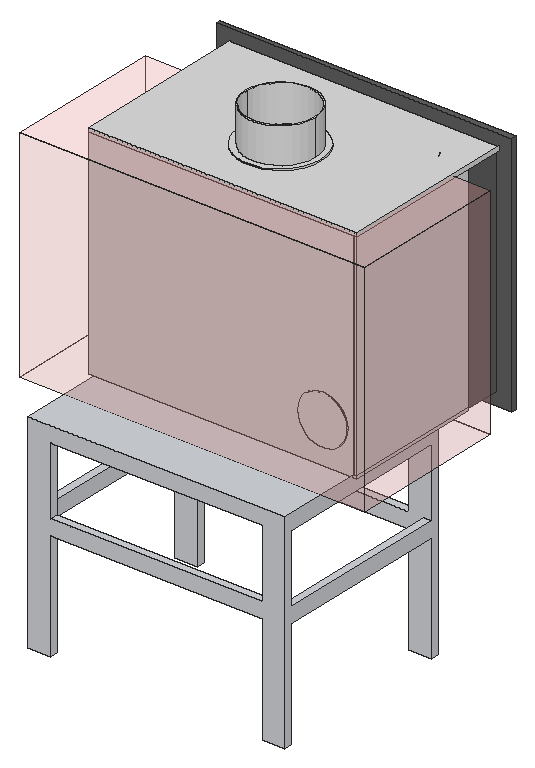
Revit family "FOGO MONTANHA-DESIGN-E709-GLASS DOOR-R19-V00", category Mechanical Equipment, host Wall, Revit 2019
Family settings
  Host = Wall
  Round Connector Dimension = Use Diameter
  Part Type = Normal
  OmniClass Number = 23.19.17.00
  Always vertical = Yes
  Cut with Voids When Loaded = No
  Shared = No
  Room Calculation Point = No
Parameters (values of type "Glass Door-4 sided Black Steel Frame 45mm")
  r_SmallDuct_Top = Diameter / 2  # 50 mm
  r_CentralDuct_Top = F / 2  # 90 mm
  r_Duct_back = 65 mm
  V = 214
  Support Table [instance] = yes
  Pu = 6.6
  Power = 8 kW
  Pn = 9.4
  P = 105
  Glass = Fogo Montanha-Glass
  Frame Type = FOGO MONTANHA-DESIGN-4L FRAME : E709-45mm-Black Steel
  Electrical Power = 32 W
  Electric tension = 230 V
  Efficiency at nominal power = "76%"
  Door_Glass_Offset = 70 mm
  Diameter = 100 mm
  Dark Glass = Fogo Montanha-Dark Glass
  URL = "https://welcome.fogo-montanha.com/pesquisar/PA2019P018"
  Door_Position = 5 mm  # constant formula
  Door = Fogo Montanha-Dark Glass
  Offset_Door-Frame = 26.7 mm
  Model = "Design-E709"  # constant formula
  Manufacturer URL = "www.fogo-montanha.com"
  Manufacturer = "Fogo Montanha"  # constant formula
  Height from Level [instance] = 800 mm
  Version = "v00"  # constant formula
  Uniformat II Description = "Heat Generating Systems"  # constant formula
  Uniformat II Code = "D3020"  # constant formula
  Uniclass 2015 Name = "Space heaters"  # constant formula
  Uniclass 2015 Code = "TE_70_10_20_80"  # constant formula
  Uniclass 2.0 Description = "Space Heating And Cooling Products"  # constant formula
  Uniclass 2.0 Code = "PR-70-60-36-74"  # constant formula
  Uniclass 1.4 Description = "Fireplaces"  # constant formula
  Uniclass 1.4 Code = "L828"  # constant formula
  UNSPSC Description = "Space Heaters"  # constant formula
  UNSPSC Code = "40101819"  # constant formula
  Reference = "PA2019P018"
  Publication date = "08/2022"  # constant formula
  Number of Poles = 1
  NBS Reference Description = "Room Heaters"  # constant formula
  NBS Reference Code = "60-36-74"  # constant formula
  Masterformat 2014 Description = "Fireplaces and Stoves"  # constant formula
  Masterformat 2014 Code = "10 30 00"  # constant formula
  K = B + 13 mm  # 577 mm
  J = A + 17 mm  # 707 mm
  IfcExportType = "IfcSpaceHeaterType"  # constant formula
  IfcExportAs = "IfcSpaceHeater"  # constant formula
  G = 275 mm
  F = 180 mm
  Offset_Duct_Back = 90 mm
  Clearance Zone Visible [instance] = yes
  Clearance Zone = 100 mm
  Cl = 2.8
  CO2 = 8.6
  CO 13% O2 = 0.07
  Aux_Duct_Top = 120 mm
  Det_Door = -1 mm
  Description = "Inseríveis a lenha com ventilação tangencial incluída de série, disponíveis em preto, cinza ou porta em vidro. Incluem porta com sistema de fecho automático, ar externo canalizável através de um kit opcional, dupla combustão e câmara estanque. Possibilidade de regulação da ventilação através de um controlador GLA que, com a inclusão de um Damper, permitirá também o controlo do ar de combustão. Kit wi-fi opcional para gestão do controlador GLA à distância através de smartphone."  # constant formula
  D = 465 mm
  Body = Fogo Montanha-Steel Galvanized
  Base_Offset [instance] = if(and(Height from Level < 300 mm, Support Table), 300 mm, if(and(Height from Level > 545 mm, Support Table), 545 mm, Height from Level))  # 545 mm
  E = B  # 564 mm
  C = A  # 690 mm
  BIM Modeler URL = "www.stratbim.com"
  BIM Modeler = "StratBIM"
  B = 564 mm
  Assembly Code = "D3020"
  A = 690 mm
Types (6, lengths in mm): name | Frame Type | Height from Level | Clearance Zone | Base_Offset
  Glass Door-4 sided Black Steel Frame 45mm | FOGO MONTANHA-DESIGN-4L FRAME : E709-45mm-Black Steel | 800 | 100 | 545
  Glass Door-4 sided Black Steel Frame 20mm | FOGO MONTANHA-DESIGN-4L FRAME : E709-20mm-Black Steel | 800 | 100 | 545
  Glass Door-3 sided Black Steel Frame 45mm | FOGO MONTANHA-DESIGN-3L FRAME : E709-45mm-Black Steel | 800 | 100 | 545
  Glass Door-3 sided Black Steel Frame 20mm | FOGO MONTANHA-DESIGN-3L FRAME : E709-20mm-Black Steel | 800 | 100 | 545
  Glass Door-4 sided Glass Frame 50mm | FOGO MONTANHA-DESIGN-4L FRAME : E709-50mm-Glass | 450 | 150 | 450
  Glass Door-3 sided Glass Frame 50mm | FOGO MONTANHA-DESIGN-3L FRAME : E709-50mm-Glass | 800 | 100 | 545
Reference planes
  plane 1 "Wall": y = 0
  plane 2 "Center (Left/Right)": x = 0
  plane 3 "Front": y = 75
  plane 4 "2": x = 345
  plane 5 "3": x = -345
  plane 6 "4": x = -345
  plane 7 "5": x = 345
  plane 8 "6": x = -353.5
  plane 9 "7": x = 353.5
  plane 10 "K'": z = 1122
  plane 11 "K": z = 545
  plane 12: y = -200
  plane 13: y = -390
  plane 14 "8": x = -50
  plane 15 "9": x = 50
  plane 16 "10": x = 263.5
  plane 17: z = 833.5
  plane 18 "B'": z = 1115.5
  plane 19 "B": z = 551.5
  plane 20 "E'": z = 1115.5
  plane 21 "E": z = 551.5
  plane 22 "L": z = 653.7
  plane 23: y = -46
  plane 24 "M": x = -233.5
  plane 25 "M'": x = 233.5
  plane 26: z = 557
  plane 27 "S": x = -348.5
  plane 28 "T": x = 348.5
  plane 29 "U": x = 321.8
  plane 30 "V": x = -321.8
  plane 31: z = 1088.8
  plane 32: z = 583.7
  plane 33: z = 653.7
  plane 34: z = 1018.8
  plane 35 "W": x = 251.8
  plane 36 "X": x = -251.8
  plane 37: y = -340
  plane 38 "Y": x = 100
  plane 39 "AA": x = -100
  plane 40: y = 87
  plane 41 "BB": z = 1222
  plane 42 "Origin": z = 0
  plane 43: y = -25
Forms (mm)
  Extrusion 1, solid, material "Fogo Montanha-Steel Galvanized" <- "Body", detail levels coarse
    sketch origin (0, 75, 0) x (1, 0, 0) y (0, 0, 1)
      loop
        line (353.5, 545) -> (353.5, 1115.5) -> (-353.5, 1115.5) -> (-353.5, 545) -> (353.5, 545)
    from 0 to 465
  Extrusion 2, solid, material "Fogo Montanha-Steel Galvanized" <- "Body", detail levels medium+fine
    sketch origin (-353.5, 0, 0) x (0, 1, 0) y (0, 0, 1)
      loop
        line (-25, 551.5) -> (-25, 1115.5) -> (-200, 1115.5) -> (-390, 1115.5) -> (-390, 551.5) -> (-25, 551.5)
    from 0 to 8.5
  Extrusion 3, solid, material "Fogo Montanha-Steel Galvanized" <- "Body", detail levels medium+fine
    sketch origin (353.5, 30, 0) x (0, 1, 0) y (0, 0, -1)
      loop
        line (-55, -551.5) -> (-420, -551.5) -> (-420, -1115.5) -> (-230, -1115.5) -> (-55, -1115.5) -> (-55, -551.5)
    from 0 to 8.5
  Extrusion 4, solid, material "Fogo Montanha-Steel Galvanized" <- "Body", detail levels medium+fine
    sketch origin (1420, -390, 1200) x (1, 0, 0) y (0, 0, 1)
      loop
        line (-1075, -648.5) -> (-1075, -84.5) -> (-1765, -84.5) -> (-1765, -648.5) -> (-1075, -648.5)
    from 0 to -8
  Extrusion 5, solid, material "Fogo Montanha-Steel Galvanized" <- "Body", detail levels medium+fine
    sketch origin (2348.699, 225, 1115.5) x (1, 0, 0) y (0, 1, 0)
      loop
        line (-2702.199, -150) -> (-2702.199, -615) -> (-1995.199, -615) -> (-1995.199, -150) -> (-2702.199, -150)
      loop
        circle (-2348.699, -425) r 90
    from 10 to 0
  Extrusion 6, solid, material "Fogo Montanha-Steel Galvanized" <- "Body", detail levels medium+fine
    sketch origin (2348.699, 225, 551.5) x (1, 0, 0) y (0, 1, 0)
      loop
        line (-2702.199, -250) -> (-2702.199, -615) -> (-1995.199, -615) -> (-1995.199, -250) -> (-2702.199, -250)
    from -6.5 to 0
  Extrusion 7, solid, material "Fogo Montanha-Steel Galvanized" <- "Body", detail levels medium+fine
    sketch origin (1420, -390, 1200) x (1, 0, 0) y (0, 0, 1)
      loop
        circle (-1156.5, -546.3) r 65
    from 0 to 1
  Sweep 8, solid, material "Fogo Montanha-Steel Galvanized" <- "Body"
    path in 3D
      loop
        arc (-90, -200, 1122) -> (0, -290, 1122) -> (90, -200, 1122) r 90
        arc (90, -200, 1122) -> (0, -110, 1122) -> (-90, -200, 1122) r 90
    profile origin (0, -110, 1122) x (0, -1, 0) y (0, 0, 1)
      loop
        line (0, 3.5) -> (0, 100) -> (-2, 100) -> (-2, 6.467) -> (-17, 6.467) -> (-17, 3.5) -> (0, 3.5)
  Extrusion 9, solid, material "Fogo Montanha-Dark Glass" <- "Dark Glass", detail levels medium+fine
    sketch origin (0, 75, 0) x (1, 0, 0) y (0, 0, 1)
      loop
        line (321.8, 583.7) -> (321.8, 1088.8) -> (-321.8, 1088.8) -> (-321.8, 583.7) -> (321.8, 583.7)
      loop
        line (251.8, 653.7) -> (251.8, 1018.8) -> (-251.8, 1018.8) -> (-251.8, 653.7) -> (251.8, 653.7)
    from 0 to -2
  Extrusion 10, solid, material "Fogo Montanha-Vermiculite", detail levels medium+fine
    sketch origin (-321.8, 0, 0) x (0, 1, 0) y (0, 0, 1)
      loop
        line (-25, 583.7) -> (-25, 1018.8) -> (-200, 1018.8) -> (-340, 833.5) -> (-340, 583.7) -> (-25, 583.7)
    from 0 to 8.5
  Extrusion 11, solid, material "Fogo Montanha-Vermiculite", detail levels medium+fine
    sketch origin (321.8, 0, 0) x (0, 1, 0) y (0, 0, 1)
      loop
        line (-25, 583.7) -> (-25, 1018.8) -> (-200, 1018.8) -> (-340, 833.5) -> (-340, 583.7) -> (-25, 583.7)
    from 0 to -8.5
  Extrusion 12, solid, material "Fogo Montanha-Vermiculite", detail levels medium+fine
    sketch origin (1420, -340, 1200) x (1, 0, 0) y (0, 0, 1)
      loop
        line (-1106.7, -616.3) -> (-1106.7, -366.5) -> (-1733.3, -366.5) -> (-1733.3, -616.3) -> (-1106.7, -616.3)
    from 0 to -8.5
  Extrusion 13, solid, material "Fogo Montanha-Vermiculite", detail levels medium+fine
    sketch origin (0, 0, 0) x (0, 1, 0) y (0, 0, 1)
      loop
        line (-200, 1018.8) -> (-340, 833.5) -> (-329.009, 833.5) -> (-200, 1005.392) -> (-200, 1018.8)
    from -321.8 to 321.8
  Extrusion 14, solid, material "Fogo Montanha-Vermiculite", detail levels medium+fine
    sketch origin (2348.699, 225, 583.7) x (1, 0, 0) y (0, 1, 0)
      loop
        line (-2670.499, -250) -> (-2670.499, -565) -> (-2026.899, -565) -> (-2026.899, -250) -> (-2670.499, -250)
      loop
        line (-2248.699, -271) -> (-2448.699, -271) -> (-2448.699, -425) -> (-2248.699, -425) -> (-2248.699, -271)
    from 0 to 10
  Extrusion 15, solid, material "Fogo Montanha-Steel Galvanized", detail levels medium+fine
    sketch origin (2348.699, 225, 583.7) x (1, 0, 0) y (0, 1, 0)
      loop
        line (-2248.699, -271) -> (-2448.699, -271) -> (-2448.699, -425) -> (-2248.699, -425) -> (-2248.699, -271)
      loop
        line (-2435.699, -300) -> (-2361.699, -300)
        arc (-2361.699, -300) -> (-2359.578, -299.121) -> (-2358.699, -297) r 3
        line (-2358.699, -297) -> (-2358.699, -284)
        arc (-2358.699, -284) -> (-2359.578, -281.879) -> (-2361.699, -281) r 3
        line (-2361.699, -281) -> (-2435.699, -281)
        arc (-2435.699, -281) -> (-2437.82, -281.879) -> (-2438.699, -284) r 3
        line (-2438.699, -284) -> (-2438.699, -297)
        arc (-2438.699, -297) -> (-2437.82, -299.121) -> (-2435.699, -300) r 3
      loop
        arc (-2261.699, -300) -> (-2259.578, -299.121) -> (-2258.699, -297) r 3
        line (-2258.699, -297) -> (-2258.699, -284)
        arc (-2258.699, -284) -> (-2259.578, -281.879) -> (-2261.699, -281) r 3
        line (-2261.699, -281) -> (-2335.699, -281)
        arc (-2335.699, -281) -> (-2337.82, -281.879) -> (-2338.699, -284) r 3
        line (-2338.699, -284) -> (-2338.699, -297)
        arc (-2338.699, -297) -> (-2337.82, -299.121) -> (-2335.699, -300) r 3
        line (-2335.699, -300) -> (-2261.699, -300)
      loop
        line (-2435.699, -329) -> (-2361.699, -329)
        arc (-2361.699, -329) -> (-2359.578, -328.121) -> (-2358.699, -326) r 3
        line (-2358.699, -326) -> (-2358.699, -313)
        arc (-2358.699, -313) -> (-2359.578, -310.879) -> (-2361.699, -310) r 3
        line (-2361.699, -310) -> (-2435.699, -310)
        arc (-2435.699, -310) -> (-2437.82, -310.879) -> (-2438.699, -313) r 3
        line (-2438.699, -313) -> (-2438.699, -326)
        arc (-2438.699, -326) -> (-2437.82, -328.121) -> (-2435.699, -329) r 3
      loop
        arc (-2261.699, -329) -> (-2259.578, -328.121) -> (-2258.699, -326) r 3
        line (-2258.699, -326) -> (-2258.699, -313)
        arc (-2258.699, -313) -> (-2259.578, -310.879) -> (-2261.699, -310) r 3
        line (-2261.699, -310) -> (-2335.699, -310)
        arc (-2335.699, -310) -> (-2337.82, -310.879) -> (-2338.699, -313) r 3
        line (-2338.699, -313) -> (-2338.699, -326)
        arc (-2338.699, -326) -> (-2337.82, -328.121) -> (-2335.699, -329) r 3
        line (-2335.699, -329) -> (-2261.699, -329)
      loop
        line (-2435.699, -358) -> (-2361.699, -358)
        arc (-2361.699, -358) -> (-2359.578, -357.121) -> (-2358.699, -355) r 3
        line (-2358.699, -355) -> (-2358.699, -342)
        arc (-2358.699, -342) -> (-2359.578, -339.879) -> (-2361.699, -339) r 3
        line (-2361.699, -339) -> (-2435.699, -339)
        arc (-2435.699, -339) -> (-2437.82, -339.879) -> (-2438.699, -342) r 3
        line (-2438.699, -342) -> (-2438.699, -355)
        arc (-2438.699, -355) -> (-2437.82, -357.121) -> (-2435.699, -358) r 3
      loop
        arc (-2261.699, -358) -> (-2259.578, -357.121) -> (-2258.699, -355) r 3
        line (-2258.699, -355) -> (-2258.699, -342)
        arc (-2258.699, -342) -> (-2259.578, -339.879) -> (-2261.699, -339) r 3
        line (-2261.699, -339) -> (-2335.699, -339)
        arc (-2335.699, -339) -> (-2337.82, -339.879) -> (-2338.699, -342) r 3
        line (-2338.699, -342) -> (-2338.699, -355)
        arc (-2338.699, -355) -> (-2337.82, -357.121) -> (-2335.699, -358) r 3
        line (-2335.699, -358) -> (-2261.699, -358)
      loop
        line (-2435.699, -387) -> (-2361.699, -387)
        arc (-2361.699, -387) -> (-2359.578, -386.121) -> (-2358.699, -384) r 3
        line (-2358.699, -384) -> (-2358.699, -371)
        arc (-2358.699, -371) -> (-2359.578, -368.879) -> (-2361.699, -368) r 3
        line (-2361.699, -368) -> (-2435.699, -368)
        arc (-2435.699, -368) -> (-2437.82, -368.879) -> (-2438.699, -371) r 3
        line (-2438.699, -371) -> (-2438.699, -384)
        arc (-2438.699, -384) -> (-2437.82, -386.121) -> (-2435.699, -387) r 3
      loop
        arc (-2261.699, -387) -> (-2259.578, -386.121) -> (-2258.699, -384) r 3
        line (-2258.699, -384) -> (-2258.699, -371)
        arc (-2258.699, -371) -> (-2259.578, -368.879) -> (-2261.699, -368) r 3
        line (-2261.699, -368) -> (-2335.699, -368)
        arc (-2335.699, -368) -> (-2337.82, -368.879) -> (-2338.699, -371) r 3
        line (-2338.699, -371) -> (-2338.699, -384)
        arc (-2338.699, -384) -> (-2337.82, -386.121) -> (-2335.699, -387) r 3
        line (-2335.699, -387) -> (-2261.699, -387)
      loop
        line (-2435.699, -416) -> (-2361.699, -416)
        arc (-2361.699, -416) -> (-2359.578, -415.121) -> (-2358.699, -413) r 3
        line (-2358.699, -413) -> (-2358.699, -400)
        arc (-2358.699, -400) -> (-2359.578, -397.879) -> (-2361.699, -397) r 3
        line (-2361.699, -397) -> (-2435.699, -397)
        arc (-2435.699, -397) -> (-2437.82, -397.879) -> (-2438.699, -400) r 3
        line (-2438.699, -400) -> (-2438.699, -413)
        arc (-2438.699, -413) -> (-2437.82, -415.121) -> (-2435.699, -416) r 3
      loop
        arc (-2261.699, -416) -> (-2259.578, -415.121) -> (-2258.699, -413) r 3
        line (-2258.699, -413) -> (-2258.699, -400)
        arc (-2258.699, -400) -> (-2259.578, -397.879) -> (-2261.699, -397) r 3
        line (-2261.699, -397) -> (-2335.699, -397)
        arc (-2335.699, -397) -> (-2337.82, -397.879) -> (-2338.699, -400) r 3
        line (-2338.699, -400) -> (-2338.699, -413)
        arc (-2338.699, -413) -> (-2337.82, -415.121) -> (-2335.699, -416) r 3
        line (-2335.699, -416) -> (-2261.699, -416)
    from 0 to 10
  Extrusion 16, solid, material "Fogo Montanha-Black Steel", detail levels medium+fine
    sketch origin (0, 75, 0) x (1, 0, 0) y (0, 0, 1)
      loop
        line (321.8, 583.7) -> (321.8, 1088.8) -> (-321.8, 1088.8) -> (-321.8, 583.7) -> (-319.8, 583.7) -> (-319.8, 1086.8) -> (319.8, 1086.8) -> (319.8, 583.7) -> (321.8, 583.7)
    from 0 to 100
  Extrusion 17, solid, visible <- "Clearance Zone Visible"
    sketch origin (2348.699, 225, 1115.5) x (1, 0, 0) y (0, 1, 0)
      loop
        line (-2802.199, -300) -> (-2802.199, -715) -> (-1895.199, -715) -> (-1895.199, -300) -> (-1995.199, -300) -> (-1995.199, -615) -> (-2702.199, -615) -> (-2702.199, -300) -> (-2802.199, -300)
    from -570.5 to 6.5
  Extrusion 18, solid
    sketch origin (2348.699, 225, 1122) x (1, 0, 0) y (0, 1, 0)
      loop
        circle (-2115.199, -271) r 50
    from 0 to 1
  Extrusion 19, solid
    sketch origin (2348.699, 225, 1122) x (1, 0, 0) y (0, 1, 0)
      loop
        circle (-2582.199, -271) r 50
    from 0 to 1
  Extrusion 20, solid, material "Fogo Montanha-Black Steel", detail levels medium+fine
    sketch origin (1420, -25, 1200) x (1, 0, 0) y (0, 0, 1)
      loop
        line (-1098.2, -616.3) -> (-1098.2, -111.2) -> (-1741.8, -111.2) -> (-1741.8, -616.3) -> (-1098.2, -616.3)
      loop
        line (-1075, -655) -> (-1075, -84.5) -> (-1765, -84.5) -> (-1765, -655) -> (-1075, -655)
    from 0 to -10
  Extrusion 21, solid, material "Fogo Montanha-Black Steel", detail levels medium+fine
    sketch origin (0, 75, 0) x (1, 0, 0) y (0, 0, 1)
      loop
        line (321.8, 581.7) -> (321.8, 1088.8) -> (-321.8, 1088.8) -> (-321.8, 581.7) -> (321.8, 581.7)
      loop
        line (319.8, 583.7) -> (319.8, 1086.8) -> (-319.8, 1086.8) -> (-319.8, 583.7) -> (319.8, 583.7)
    from 0 to 100
  Extrusion 22, solid, material "Fogo Montanha-Black Steel", detail levels medium+fine
    sketch origin (0, 75, 0) x (1, 0, 0) y (0, 0, 1)
      loop
        line (347, 545) -> (347, 1115.5) -> (-347, 1115.5) -> (-347, 545) -> (347, 545)
      loop
        line (345, 547) -> (345, 1113.5) -> (-345, 1113.5) -> (-345, 547) -> (345, 547)
    from 0 to 100
  Extrusion 23, solid, material "Fogo Montanha-Dark Glass", detail levels medium+fine
    sketch origin (0, 75, 0) x (1, 0, 0) y (0, 0, 1)
      loop
        line (321.8, 583.7) -> (321.8, 1088.8) -> (-321.8, 1088.8) -> (-321.8, 583.7) -> (321.8, 583.7)
      loop
        line (-251.8, 653.7) -> (251.8, 653.7) -> (251.8, 1018.8) -> (-251.8, 1018.8) -> (-251.8, 653.7)
    from 0 to 2
  Extrusion 24, solid, material "Fogo Montanha-Glass" <- "Glass", detail levels medium+fine
    sketch origin (0, 75, 0) x (1, 0, 0) y (0, 0, 1)
      loop
        line (251.8, 653.7) -> (251.8, 1018.8) -> (-251.8, 1018.8) -> (-251.8, 653.7) -> (251.8, 653.7)
    from 0 to 2
  Extrusion 25, solid, material "Fogo Montanha-Steel", detail levels medium+fine
    sketch origin (0, 0, 0) x (0, 1, 0) y (0, 0, 1)
      loop
        line (-46, 1047.8) -> (-46, 1055.8) -> (-250, 1055.8) -> (-250, 1030.347) -> (-200, 1030.347) -> (-180, 1018.8) -> (-75, 1018.8) -> (-46, 1047.8)
    from -150 to 150
  Extrusion 26, solid, material "Fogo Montanha-Black Steel", detail levels medium+fine
    sketch origin (0, 0, 103.5) x (1, 0, 0) y (0, 0, 1)
      loop
        line (321.8, 480.2) -> (321.8, 985.3) -> (-321.8, 985.3) -> (-321.8, 480.2) -> (321.8, 480.2)
      loop
        line (-251.8, 550.2) -> (251.8, 550.2) -> (251.8, 915.3) -> (-251.8, 915.3) -> (-251.8, 550.2)
    from -20 to -22
  Extrusion 27, solid, material "Fogo Montanha-Black Steel", detail levels medium+fine
    sketch origin (0, 75, 107.7) x (1, 0, 0) y (0, 0, 1)
      loop
        line (321.8, 546) -> (-321.8, 546) -> (-321.8, 544) -> (321.8, 544) -> (321.8, 546)
    from 2 to 53
Cuts and joins
  joined: Extrusion 10, Extrusion 11, Extrusion 12, Extrusion 13, Extrusion 14
  joined: Extrusion 21, Extrusion 27
  joined: Extrusion 16, Extrusion 26
  joined: Extrusion 2, Extrusion 4, Extrusion 6
Lines and regions (mm)
  Opening 1
    outline origin (-5000, -75, 0) x (1, 0, 0) y (0, 0, 1)
      loop
        line (4646.5, 545) -> (5353.5, 545) -> (5353.5, 1122) -> (4646.5, 1122) -> (4646.5, 545)
  reference lines
    curve 1: circle (0, -200, 1122) r 90 normal (0, 0, 1)
    curve 2: circle (263.5, 75, 653.7) r 65 normal (0, -1, 0)
    curve 4: circle (-233.5, -46, 1115.5) r 50 normal (0, 0, 1)
    curve 5: circle (233.5, -46, 1115.5) r 50 normal (0, 0, 1)
  sketch lines
    curve 3: circle (0, -200, 1122) r 90 normal (0, 0, 1)
Text (mm)
  text "Placement side" at (-1304.494, 278.82, 0), in view "Ref. Level"
  text "Placement side" at (0, 1334.055, 2976.191), in view "Left"
  text "Placement side" at (0, 439.194, 2944.362), in view "Right"
Dimensions and locks
  locked: plane 3 "Front" to host wall at 0
  "C": plane 4 "2" to plane 5 "3"
  equal spacing: plane 4 "2", plane 2 "Center (Left/Right)", plane 5 "3"
  equal spacing: plane 7 "5", plane 2 "Center (Left/Right)", plane 6 "4"
  "A": plane 7 "5" to plane 6 "4"
  equal spacing: plane 9 "7", plane 2 "Center (Left/Right)", plane 8 "6"
  "J": plane 8 "6" to plane 9 "7"
  "K": plane 11 "K" to plane 10 "K'"
  "Base_Offset": level to plane 11 "K"
  equal spacing: plane 14 "8", plane 2 "Center (Left/Right)", plane 15 "9"
  plane 14 "8" to plane 15 "9" = 100 mm
  equal spacing: plane 11 "K", plane 17, plane 10 "K'"
  equal spacing: plane 19 "B", plane 17, plane 18 "B'"
  "B": plane 19 "B" to plane 18 "B'"
  equal spacing: plane 21 "E", plane 17, plane 20 "E'"
  "E": plane 21 "E" to plane 20 "E'"
  "Offset_Duct_Back": plane 9 "7" to plane 16 "10"
  locked: plane 11 "K" to plane 22 "L" at 108.7
  "Aux_Duct_Top": plane 8 "6" to plane 24 "M"
  "Aux_Duct_Top": plane 25 "M'" to plane 9 "7"
  "Offset_Door-Frame": plane 26 to plane 32
  "Offset_Door-Frame": plane 28 "T" to plane 29 "U"
  "Offset_Door-Frame": plane 30 "V" to plane 27 "S"
  "Door_Glass_Offset": plane 32 to plane 33
  "Door_Glass_Offset": plane 34 to plane 31
  "Door_Glass_Offset": plane 29 "U" to plane 35 "W"
  "Door_Glass_Offset": plane 36 "X" to plane 30 "V"
  locked: plane 13 to plane 37 at 50
  locked: plane 3 "Front" to plane 40 at 12
  Extrusion 15 sketch curve to Extrusion 15 sketch curve to Extrusion 15 sketch curve to Extrusion 15 sketch curve to Extrusion 15 sketch curve to Extrusion 15 sketch curve = 10 mm locked, 80 mm locked, 20 mm locked, 80 mm locked, 10 mm locked
  Extrusion 15 sketch curve to Extrusion 15 sketch curve to Extrusion 15 sketch curve to Extrusion 15 sketch curve to Extrusion 15 sketch curve to Extrusion 15 sketch curve to Extrusion 15 sketch curve to Extrusion 15 sketch curve to Extrusion 15 sketch curve to Extrusion 15 sketch curve to Extrusion 15 sketch curve to Extrusion 15 sketch curve = 10 mm locked, 19 mm locked, 10 mm locked, 19 mm locked, 10 mm locked, 19 mm locked, 10 mm locked, 19 mm locked, 10 mm locked, 19 mm locked, 9 mm locked
  "Door_Position": plane 9 "7" to plane 28 "T"
  "Door_Position": plane 27 "S" to plane 8 "6"
  locked: plane 43 to plane 3 "Front" at 100
  "Clearance Zone": Extrusion 17 sketch curve to Extrusion 17 sketch curve  (x3)
  locked: Extrusion 9 to Extrusion 16 at 2
  locked: Extrusion 16 to Extrusion 9 at 2  (x2)
  locked: Extrusion 21 sketch curve to Extrusion 9 at 2
  "Offset_Door-Frame": plane 31 to plane 20 "E'"
  locked: plane 10 "K'" to plane 41 "BB" at 100
  Extrusion 27 sketch curve to plane 33 = 2 mm
  plane 11 "K" to Extrusion 22 sketch curve = 2 mm
  locked: Extrusion 22 sketch curve to plane 20 "E'" at 2
  locked: Extrusion 22 sketch curve to plane 7 "5" at 2
  locked: plane 6 "4" to Extrusion 22 sketch curve at 2
  plane 11 "K" to plane 21 "E" = 6.5 mm
  locked: plane 11 "K" to plane 26 at 12
  locked: plane 23 to plane 43 at 21
  locked: plane 12 to plane 23 at 154
  locked: plane 37 to plane 12 at 140
  locked: plane 43 to plane 1 "Wall" at 25
  locked: cut or joined group of Extrusion 16, Extrusion 26 to plane 40 at 65
  locked: cut or joined group of Extrusion 16, Extrusion 26 to cut or joined group of Extrusion 16, Extrusion 26 at 2
  "r_CentralDuct_Top": radius of curve 1
  "r_Duct_back": radius of curve 2
  "r_SmallDuct_Top": radius of curve 5
  "r_SmallDuct_Top": radius of curve 4
  aligned and locked: plane 8 "6" to Opening 1 sketch curve
  aligned and locked: Opening 1 sketch curve to plane 9 "7"
  aligned and locked: plane 10 "K'" to Opening 1 sketch curve
  aligned and locked: plane 11 "K" to Opening 1 sketch curve
  aligned and locked: plane 8 "6" to Extrusion 1 sketch curve
  aligned and locked: Extrusion 1 sketch curve to plane 9 "7"
  aligned and locked: plane 18 "B'" to Extrusion 1 sketch curve
  aligned and locked: plane 13 to Extrusion 1
  aligned and locked: plane 19 "B" to Extrusion 2 sketch curve
  aligned and locked: plane 18 "B'" to Extrusion 2 sketch curve
  aligned and locked: plane 13 to Extrusion 2 sketch curve
  aligned and locked: Extrusion 3 sketch curve to plane 18 "B'"
  aligned and locked: Extrusion 3 sketch curve to plane 13
  aligned and locked: Extrusion 3 sketch curve to plane 19 "B"
  aligned and locked: plane 4 "2" to Extrusion 4 sketch curve
  aligned and locked: plane 5 "3" to Extrusion 4 sketch curve
  aligned and locked: plane 21 "E" to Extrusion 4 sketch curve
  aligned and locked: plane 20 "E'" to Extrusion 4 sketch curve
  aligned and locked: plane 5 "3" to Extrusion 2
  aligned and locked: Extrusion 3 to plane 4 "2"
  aligned and locked: Extrusion 5 sketch curve to plane 8 "6"
  aligned and locked: plane 9 "7" to Extrusion 5 sketch curve
  aligned and locked: Extrusion 5 sketch curve to plane 13
  aligned and locked: Extrusion 5 sketch curve to curve 1
  aligned and locked: plane 9 "7" to Extrusion 6 sketch curve
  aligned and locked: Extrusion 6 sketch curve to plane 8 "6"
  aligned and locked: Extrusion 6 sketch curve to plane 13
  aligned and locked: Extrusion 7 sketch curve to curve 2
  aligned and locked: plane 24 "M" to curve 4
  aligned and locked: plane 23 to curve 4
  aligned and locked: plane 23 to curve 5
  aligned and locked: plane 25 "M'" to curve 5
  aligned and locked: plane 32 to Extrusion 9 sketch curve
  aligned and locked: Extrusion 9 sketch curve to plane 29 "U"
  aligned and locked: Extrusion 9 sketch curve to plane 31
  aligned and locked: plane 30 "V" to Extrusion 9 sketch curve
  aligned and locked: Extrusion 10 to plane 32
  aligned and locked: plane 34 to Extrusion 10 sketch curve
  aligned and locked: plane 12 to Extrusion 10 sketch curve
  aligned and locked: Extrusion 12 to Extrusion 10
  aligned and locked: Extrusion 12 to Extrusion 11
  aligned and locked: Extrusion 11 sketch curve to Extrusion 12
  aligned and locked: Extrusion 10 sketch curve to plane 37
  aligned and locked: plane 17 to Extrusion 12
  aligned and locked: plane 17 to Extrusion 10 sketch curve
  aligned and locked: plane 17 to Extrusion 11 sketch curve
  aligned and locked: Extrusion 13 sketch curve to Extrusion 10
  aligned and locked: plane 17 to Extrusion 13 sketch curve
  aligned and locked: plane 12 to Extrusion 13 sketch curve
  aligned and locked: plane 29 "U" to Extrusion 13
  aligned and locked: Extrusion 13 to plane 30 "V"
  aligned and locked: Extrusion 10 to Extrusion 12
  aligned and locked: Extrusion 14 sketch curve to plane 30 "V"
  aligned and locked: Extrusion 14 sketch curve to plane 37
  aligned and locked: Extrusion 14 sketch curve to plane 29 "U"
  aligned and locked: plane 12 to Extrusion 14 sketch curve
  aligned and locked: Extrusion 14 sketch curve to plane 23
  aligned and locked: Extrusion 14 sketch curve to plane 39 "AA"
  aligned and locked: plane 38 "Y" to Extrusion 14 sketch curve
  aligned and locked: Extrusion 15 sketch curve to plane 38 "Y"
  aligned and locked: Extrusion 15 sketch curve to plane 23
  aligned and locked: Extrusion 15 to plane 32
  aligned and locked: Extrusion 14 to Extrusion 15
  aligned and locked: Extrusion 15 sketch curve to Extrusion 15 sketch curve  (x26)
  aligned and locked: nested 1 to plane 2 "Center (Left/Right)"
  aligned and locked: plane 41 "BB" to Sweep 8 sketch curve
  aligned and locked: Extrusion 5 to Sweep 8 sketch curve
  aligned and locked: level to plane 42 "Origin"
  aligned and locked: Extrusion 10 sketch curve to plane 43
  aligned and locked: plane 43 to Extrusion 3 sketch curve
  aligned and locked: Extrusion 2 sketch curve to plane 43
  aligned and locked: plane 29 "U" to Extrusion 16 sketch curve
  aligned and locked: plane 31 to Extrusion 16 sketch curve
  aligned and locked: plane 30 "V" to Extrusion 16 sketch curve
  aligned and locked: Extrusion 16 sketch curve to plane 32
  aligned and locked: plane 32 to Extrusion 16 sketch curve
  aligned and locked: plane 43 to Extrusion 16
  aligned and locked: Extrusion 14 sketch curve to plane 43
  aligned and locked: Extrusion 17 sketch curve to host wall
  aligned and locked: host wall to Extrusion 17 sketch curve
  aligned and locked: Extrusion 17 to host wall  (x2)
  aligned and locked: Extrusion 18 sketch curve to curve 5
  aligned and locked: Extrusion 19 sketch curve to curve 4
  aligned and locked: Extrusion 6 to plane 11 "K"
  aligned and locked: nested 1 to plane 17
  aligned and locked: Extrusion 22 sketch curve to plane 7 "5"
  aligned and locked: Extrusion 22 sketch curve to plane 20 "E'"
  aligned and locked: plane 6 "4" to Extrusion 22 sketch curve
  aligned and locked: plane 31 to Extrusion 23 sketch curve
  aligned and locked: Extrusion 23 sketch curve to plane 30 "V"
  aligned and locked: plane 29 "U" to Extrusion 23 sketch curve
  aligned and locked: Extrusion 23 sketch curve to plane 32
  aligned and locked: Extrusion 6 to Extrusion 2
  aligned and locked: plane 35 "W" to Extrusion 9 sketch curve
  aligned and locked: plane 34 to Extrusion 9 sketch curve
  aligned and locked: plane 36 "X" to Extrusion 9 sketch curve
  aligned and locked: plane 33 to Extrusion 9 sketch curve
  aligned and locked: plane 35 "W" to Extrusion 24 sketch curve
  aligned and locked: plane 34 to Extrusion 24 sketch curve
  aligned and locked: plane 33 to Extrusion 24 sketch curve
  aligned and locked: plane 36 "X" to Extrusion 24 sketch curve
  aligned and locked: Extrusion 11 sketch curve to plane 43
  aligned and locked: plane 23 to Extrusion 25 sketch curve
  aligned and locked: Extrusion 27 to Extrusion 26
  aligned and locked: Extrusion 27 sketch curve to plane 33
  aligned and locked: plane 29 "U" to Extrusion 26 sketch curve
  aligned and locked: Extrusion 26 sketch curve to plane 30 "V"
  aligned and locked: plane 29 "U" to Extrusion 27
  aligned and locked: Extrusion 27 to plane 30 "V"
  aligned and locked: Extrusion 26 sketch curve to plane 34
  aligned and locked: plane 31 to Extrusion 26 sketch curve
  aligned and locked: plane 9 "7" to Extrusion 17 sketch curve
  aligned and locked: Extrusion 17 sketch curve to plane 8 "6"
  aligned and locked: plane 13 to Extrusion 17 sketch curve
  aligned and locked: Extrusion 20 sketch curve to plane 20 "E'"
  aligned and locked: Extrusion 20 sketch curve to plane 31
  aligned and locked: Extrusion 20 sketch curve to plane 32
  aligned and locked: Extrusion 20 sketch curve to plane 7 "5"
  aligned and locked: Extrusion 20 sketch curve to plane 29 "U"
  aligned and locked: Extrusion 20 sketch curve to plane 6 "4"
  aligned and locked: Extrusion 20 sketch curve to plane 30 "V"
  aligned and locked: plane 33 to Extrusion 26 sketch curve
  aligned and locked: Extrusion 26 sketch curve to plane 32
  aligned and locked: Extrusion 1 sketch curve to plane 11 "K"
  aligned and locked: Extrusion 22 sketch curve to plane 11 "K"
  aligned and locked: Extrusion 20 sketch curve to plane 11 "K"
  aligned and locked: nested 2 to plane 2 "Center (Left/Right)"
  aligned and locked: nested 2 to host wall
  aligned and locked: Extrusion 27 to cut or joined group of Extrusion 16, Extrusion 26
  aligned and locked: Extrusion 27 to Extrusion 23
Automatic sketch dimensions
  Extrusion 2 sketch curve to plane 12 = 0 mm
  Extrusion 3 sketch curve to plane 12 = 0 mm
  Extrusion 5 sketch curve to host wall = 0 mm
  Sweep 8 sketch curve to profile plane = 0 mm
  profile plane to Sweep 8 sketch curve = 2 mm
  profile plane to Sweep 8 sketch curve = 6.467 mm
  Sweep 8 sketch curve to Sweep 8 sketch curve = 15 mm
  Extrusion 10 sketch curve to plane 32 = 0 mm
  Extrusion 12 sketch curve to plane 32 = 0 mm
  Extrusion 12 sketch curve to plane 17 = 0 mm
  plane 30 "V" to Extrusion 12 sketch curve = 8.5 mm
  Extrusion 12 sketch curve to plane 29 "U" = 8.5 mm
  Extrusion 13 sketch curve to plane 37 = 10.991 mm
  Extrusion 13 sketch curve to plane 34 = 13.408 mm
  Extrusion 15 sketch curve to Extrusion 15 sketch curve = 3 mm  (x40)
  plane 30 "V" to Extrusion 16 sketch curve = 2 mm
  Extrusion 16 sketch curve to plane 29 "U" = 2 mm
  Extrusion 16 sketch curve to plane 31 = 2 mm
  Extrusion 21 sketch curve to plane 30 "V" = 0 mm
  Extrusion 21 sketch curve to plane 32 = 0 mm
  Extrusion 21 sketch curve to plane 29 "U" = 0 mm
  Extrusion 21 sketch curve to plane 31 = 0 mm
  plane 30 "V" to Extrusion 21 sketch curve = 2 mm
  Extrusion 21 sketch curve to plane 29 "U" = 2 mm
  Extrusion 21 sketch curve to plane 31 = 2 mm
  Extrusion 23 sketch curve to plane 34 = 0 mm
  Extrusion 23 sketch curve to plane 36 "X" = 0 mm
  Extrusion 23 sketch curve to plane 22 "L" = 0 mm
  Extrusion 23 sketch curve to plane 35 "W" = 0 mm
  Extrusion 11 sketch curve to plane 12 = 0 mm
  Extrusion 11 sketch curve to plane 34 = 0 mm
  Extrusion 11 sketch curve to plane 32 = 0 mm
  Extrusion 26 sketch curve to plane 24 "M" = 18.3 mm
  Extrusion 26 sketch curve to plane 25 "M'" = 18.3 mm
  Extrusion 27 sketch curve to plane 36 "X" = 70 mm
  plane 16 "10" to Extrusion 27 sketch curve = 58.3 mm
  plane 43 to Extrusion 6 sketch curve = 0 mm
  Extrusion 25 sketch curve to plane 12 = 0 mm
  Extrusion 25 sketch curve to plane 34 = 0 mm
  plane 34 to Extrusion 25 sketch curve = 11.547 mm
  Extrusion 25 sketch curve to Extrusion 25 sketch curve = 50 mm
  plane 23 to Extrusion 25 sketch curve = 29 mm
  plane 34 to Extrusion 25 sketch curve = 29 mm
  Extrusion 25 sketch curve to plane 12 = 20 mm
  Extrusion 25 sketch curve to Extrusion 25 sketch curve = 8 mm
  curve 2 to plane 16 "10" = 0 mm
  curve 2 to plane 22 "L" = 0 mm
  curve 4 to plane 24 "M" = 0 mm
  curve 1 to plane 2 "Center (Left/Right)" = 0 mm
  plane 12 to curve 1 = 0 mm
Nested families
  nested 1: "FOGO MONTANHA-DESIGN-4L FRAME" at (0, 75, 833.5) x (-1, 0, 0) z (0, 1, 0), type <- "Frame Type", type "E709-45mm-Black Steel"
    with Width 45 mm, B 556 mm, A 688 mm
  nested 2: "FOGO MONTANHA-SUPPORT TABLE-R19-V00" at (0, -75, 0) x (-1, 0, 0) z (0, 0, 1), visible <- "Support Table", H <- "Base_Offset", type "PA1090G049"
    with H 545 mm
Connectors
  hvac at (0, -200, 1222), driven by "F"
    settings: on Sweep 8, index 1, duct flow 0.0 L/s, flow factor 0, pres drop 0.0 Pa, loss coef 0, conn angle 0.00°, conn width 304.8 mm, conn height 304.8 mm, conn diameter 180 mm, duct sys type 3, conn prof type 0, flow config 0, flow direction 2, loss method 0, conn ref index -1, conn util no, is conn primary yes, conn desc ""
  electrical at (-353.5, -206, 889.9), driven by "Number of Poles", driven by "Electric tension", driven by "Electrical Power"
    settings: on Extrusion 2, index 3, voltage 230 V, apparent load 32 VA, apparent load phase1 0 VA, apparent load phase2 0 VA, apparent load phase3 0 VA, power factor 1, load classification "Other", number of poles 1, system type 30, power factor state 1, is connector primary yes, connector utility no, sub classification motor no, connector description ""
  hvac at (263.5, -390, 653.7), driven by "Diameter"
    settings: on Extrusion 7, index 4, duct flow 0.0 L/s, flow factor 0, pres drop 0.0 Pa, loss coef 0, conn angle 0.00°, conn width 304.8 mm, conn height 304.8 mm, conn diameter 100 mm, duct sys type 1, conn prof type 0, flow config 0, flow direction 1, loss method 0, conn ref index -1, conn util no, is conn primary no, conn desc ""
  hvac at (-233.5, -46, 1123), driven by "Diameter"
    settings: on Extrusion 19, index 5, duct flow 0.0 L/s, flow factor 0, pres drop 0.0 Pa, loss coef 0, conn angle 0.00°, conn width 304.8 mm, conn height 304.8 mm, conn diameter 100 mm, duct sys type 3, conn prof type 0, flow config 0, flow direction 2, loss method 0, conn ref index -1, conn util no, is conn primary no, conn desc ""
  hvac at (233.5, -46, 1123), driven by "Diameter"
    settings: on Extrusion 18, index 6, duct flow 0.0 L/s, flow factor 0, pres drop 0.0 Pa, loss coef 0, conn angle 0.00°, conn width 304.8 mm, conn height 304.8 mm, conn diameter 100 mm, duct sys type 3, conn prof type 0, flow config 0, flow direction 2, loss method 0, conn ref index -1, conn util no, is conn primary no, conn desc ""
Definition of nested family "FOGO MONTANHA-DESIGN-4L FRAME"
  Parameters (values of type "E609-20mm")
    Width = 20 mm
    Uniformat II Description = "Other HVAC Systems & Equipment"
    Uniformat II Code = "D3090"
    Uniclass 2015 Name = "Fireplace Surrounds"
    Uniclass 2015 Code = "PR_70_60_80_32"
    URL = "https://www.fogo-montanha.com/pt"
    UNSPSC Code = "40101819"
    Thickness = 12 mm
    Reference = "MO2070P132"
    Model = "Design 4 Sided"  # constant formula
    Masterformat 2014 Description = "Fireplace Specialties"
    Masterformat 2014 Code = "10 32 00"
    Manufacturer = "Fogo Montanha"  # constant formula
    Frame Material = none
    Default Elevation = 1219.2 mm
    B = 488 mm
    A = 588 mm
  Types (15, lengths in mm): name | Width | Reference | Default Elevation | B | A
    E609H-50mm | 50 | "MO2070V016" | 1219.2 | 690 | 587
    E609H-45mm | 45 | "MO2070P134" | 1219.2 | 690 | 587
    E609H-20mm | 20 | "MO2070P136" | 1219.2 | 690 | 587
    E609-50mm | 50 | "MO2070V014" | 1219.2 | 488 | 588
    E709-50mm | 50 | "MO2070V018" | 1219.2 | 556 | 688
    E809-50mm | 50 | "MO2070V020" | 1219.2 | 628 | 788
    E909-50mm | 50 | "MO2070V023" | 1219.2 | 698 | 888
    E609-45mm | 45 | "MO2070P130" | 1219.2 | 488 | 588
    E709-45mm | 45 | "MO2070P138" | 5 | 556 | 688
    E809-45mm | 45 | "MO2070P142" | 1219.2 | 628 | 788
    E909-45mm | 45 | "MO2070P146" | 1219.2 | 698 | 888
    E609-20mm | 20 | "MO2070P132" | 1219.2 | 488 | 588
    E709-20mm | 20 | "MO2070P140" | 1219.2 | 556 | 688
    E809-20mm | 20 | "MO2070P144" | 1219.2 | 628 | 788
    E909-20mm | 20 | "MO2070P148" | 1219.2 | 698 | 888
  Reference planes
    plane 1 "Center (Front/Back)": y = 0
    plane 2: z = 0
    plane 3 "Center (Left/Right)": x = 0
    plane 4: x = -294
    plane 5: x = 294
    plane 6: y = 244
    plane 7: y = -244
    plane 8: x = -314
    plane 9: z = 12
  Forms (mm)
    Extrusion 1, solid
      sketch origin (0, 0, 0) x (1, 0, 0) y (0, 1, 0)
        loop
          line (-1219.2, 1219.2) -> (-1219.2, -1219.2) -> (1219.2, -1219.2) -> (1219.2, 1219.2) -> (-1219.2, 1219.2)
      from 0 to -304.8
    Sweep 2, solid, material <- "Frame Material"
      path origin (0, 0, 0) x (1, 0, 0) y (0, 1, 0)
        loop
          line (-294, -244) -> (294, -244) -> (294, 244) -> (-294, 244) -> (-294, -244)
      profile origin (-294, 0, 0) x (1, 0, 0) y (0, 0, 1)
        loop
          line (-20, 12) -> (-20, 0) -> (0, 0) -> (0, 12) -> (-20, 12)
  Dimensions and locks
    equal spacing: plane 6, plane 1 "Center (Front/Back)", plane 7
    "B": plane 6 to plane 7
    equal spacing: plane 4, plane 3 "Center (Left/Right)", plane 5
    "A": plane 4 to plane 5
    "Thickness": plane 9 to plane 2
    "Width": plane 4 to plane 8
    aligned and locked: plane 2 to Extrusion 1
    aligned and locked: level to Extrusion 1
    aligned and locked: plane 7 to Sweep 2 sketch curve
    aligned and locked: Sweep 2 sketch curve to plane 4  (x2)
    aligned and locked: plane 6 to Sweep 2 sketch curve
    aligned and locked: Sweep 2 sketch curve to plane 5
    aligned and locked: Sweep 2 sketch curve to plane 9
    aligned and locked: Sweep 2 sketch curve to plane 8
    aligned and locked: Sweep 2 sketch curve to plane 2
  Automatic sketch dimensions
    Extrusion 1 sketch curve to Extrusion 1 sketch curve = 2438.4 mm  (x2)
Definition of nested family "FOGO MONTANHA-SUPPORT TABLE-R19-V00"
  Parameters (values of type "PA1090G049")
    URL = "https://fogo-montanha.com"
    Reference = "PA1090G049"
    P = 533 mm
    Model = "Support Table"  # constant formula
    Manufacturer = "Fogo Montanha"  # constant formula
    L = 677 mm
    H [instance] = 420 mm
    Description = "Mesa de suporte PA1090G049 compatível com os modelos Classic E601,Classic E701, Design E709, Design E609 e Design E609H."
  Types (4, lengths in mm): name | Reference | P | L | H | Description
    (no name) | "PA1090G049" | 533 | 677 | 420 | "Mesa de suporte PA1090G049 compatível com os modelos Classic E601,Classic E701, Design E709, Design E609 e Design E609H."
    PA1090G027 | "PA1090G027" | 470 | 677 | 300 | "Mesa de suporte PA1090G027 compatível com os modelos SQUARE D e SQUARE V."
    PA1090G049 | "PA1090G049" | 533 | 677 | 420 | "Mesa de suporte PA1090G049 compatível com os modelos Classic E601,Classic E701, Design E709, Design E609 e Design E609H."
    PA1090G051 | "PA1090G051" | 533 | 877 | 504 | "Mesa de suporte PA1090G051 compatível com os modelos Classic E901, Classic E801, Design E909 e Design E809."
  Reference planes
    plane 1 "Center (Front/Back)": y = 0
    plane 2: z = 0
    plane 3 "Center (Left/Right)": x = 0
    plane 4: x = -338.5
    plane 5: x = -318.5
    plane 6: x = -278.5
    plane 7: x = 278.5
    plane 8: x = 318.5
    plane 9: x = 338.5
    plane 10: y = 533
    plane 11: y = 513
    plane 12: y = 50
    plane 13: y = 30
    plane 14: z = 420
    plane 15: z = 380
    plane 16: z = 200
    plane 17: z = 160
  Forms (mm)
    Extrusion 1, solid
      sketch origin (0, 0, 0) x (1, 0, 0) y (0, 1, 0)
        loop
          line (-338.5, 533) -> (-338.5, 513) -> (-278.5, 513) -> (-278.5, 533) -> (-338.5, 533)
        loop
          line (-338.5, 30) -> (-278.5, 30) -> (-278.5, 50) -> (-338.5, 50) -> (-338.5, 30)
        loop
          line (278.5, 50) -> (278.5, 30) -> (338.5, 30) -> (338.5, 50) -> (278.5, 50)
        loop
          line (278.5, 533) -> (278.5, 513) -> (338.5, 513) -> (338.5, 533) -> (278.5, 533)
      from 0 to 380
    Extrusion 2, solid
      sketch origin (0, 0, 0) x (1, 0, 0) y (0, 1, 0)
        loop
          line (-338.5, 533) -> (-338.5, 30) -> (-278.5, 30) -> (-278.5, 0) -> (278.5, 0) -> (278.5, 30) -> (338.5, 30) -> (338.5, 533) -> (-338.5, 533)
      from 380 to 420
    Extrusion 3, solid
      sketch origin (0, 0, 0) x (1, 0, 0) y (0, 1, 0)
        loop
          line (338.5, 533) -> (-338.5, 533) -> (-338.5, 30) -> (338.5, 30) -> (338.5, 533)
        loop
          line (318.5, 513) -> (-318.5, 513) -> (-318.5, 50) -> (318.5, 50) -> (318.5, 513)
      from 160 to 200
  Cuts and joins
    joined: Extrusion 1, Extrusion 2, Extrusion 3
  Dimensions and locks
    locked: plane 4 to plane 5 at 20
    locked: plane 4 to plane 6 at 60
    locked: plane 7 to plane 9 at 60
    equal spacing: plane 4, plane 3 "Center (Left/Right)", plane 9
    "L": plane 4 to plane 9
    locked: plane 10 to plane 11 at 20
    locked: plane 12 to plane 13 at 20
    locked: plane 13 to plane 1 "Center (Front/Back)" at 30
    "P": plane 1 "Center (Front/Back)" to plane 10
    locked: plane 14 to plane 15 at 40
    locked: plane 15 to plane 16 at 180
    locked: plane 16 to plane 17 at 40
    "H": plane 14 to level
    locked: plane 8 to plane 9 at 20
    aligned and locked: level to plane 2
    aligned and locked: Extrusion 1 sketch curve to plane 10  (x2)
    aligned and locked: Extrusion 1 sketch curve to plane 11  (x2)
    aligned and locked: Extrusion 1 sketch curve to plane 6  (x2)
    aligned and locked: Extrusion 1 sketch curve to plane 4  (x2)
    aligned and locked: Extrusion 1 sketch curve to plane 13  (x2)
    aligned and locked: Extrusion 1 sketch curve to plane 12  (x2)
    aligned and locked: Extrusion 1 sketch curve to plane 9  (x2)
    aligned and locked: Extrusion 1 sketch curve to plane 7  (x2)
    aligned and locked: plane 15 to Extrusion 1
    aligned and locked: Extrusion 2 sketch curve to plane 10
    aligned and locked: Extrusion 2 sketch curve to plane 9
    aligned and locked: Extrusion 2 sketch curve to plane 13  (x2)
    aligned and locked: Extrusion 2 sketch curve to plane 1 "Center (Front/Back)"
    aligned and locked: Extrusion 2 sketch curve to plane 4
    aligned and locked: Extrusion 2 sketch curve to plane 6
    aligned and locked: Extrusion 2 sketch curve to plane 7
    aligned and locked: plane 14 to Extrusion 2
    aligned and locked: Extrusion 2 to plane 15
    aligned and locked: Extrusion 3 sketch curve to plane 9
    aligned and locked: Extrusion 3 sketch curve to plane 8
    aligned and locked: Extrusion 3 sketch curve to plane 5
    aligned and locked: Extrusion 3 sketch curve to plane 4
    aligned and locked: Extrusion 3 sketch curve to plane 11
    aligned and locked: Extrusion 3 sketch curve to plane 10
    aligned and locked: Extrusion 3 sketch curve to plane 12
    aligned and locked: Extrusion 3 sketch curve to plane 13
    aligned and locked: plane 16 to Extrusion 3
    aligned and locked: Extrusion 3 to plane 17
